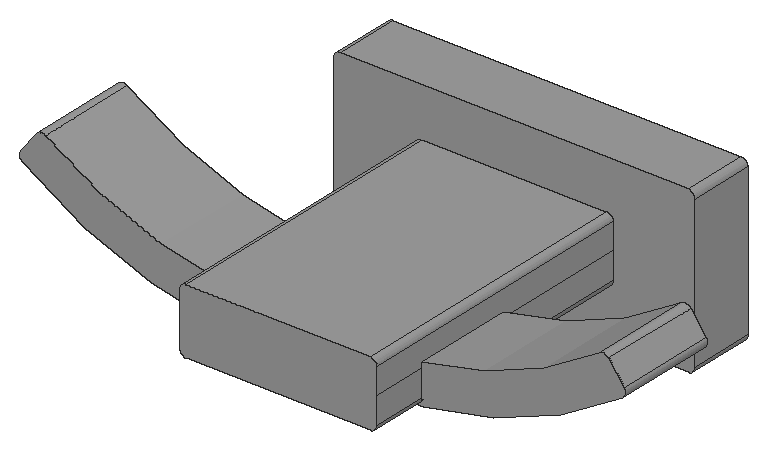
Revit family "PER ATLAS DOBLE NEGRO MATE", category Plumbing Fixtures, Revit 2019
Family settings
  Round Connector Dimension = Use Diameter
  Part Type = Normal
  OmniClass Number = 23.45.00.00
  OmniClass Title = Sanitary, Laundry, and Cleaning Equipment
  Work Plane-Based = No
  Always vertical = Yes
  Cut with Voids When Loaded = No
  Shared = No
  Room Calculation Point = No
Reference planes
  plane 1 "Center (Front/Back)": y = 0
  plane 2: z = 0
  plane 3 "Center (Left/Right)": x = 0
Forms (mm)
  Extrusion 1, solid
    sketch origin (0, 0, 0) x (1, 0, 0) y (0, 0, 1)
      loop
        line (1.01, 0) -> (53.967, 0)
        arc (53.967, 0) -> (54.698, 0.302) -> (55, 1.033) r 1.033
        line (55, 1.033) -> (55, 23.959)
        arc (55, 23.959) -> (54.695, 24.695) -> (53.959, 25) r 1.041
        line (53.959, 25) -> (0.983, 25)
        arc (0.983, 25) -> (0.288, 24.712) -> (0, 24.017) r 0.983
        line (0, 24.017) -> (0, 1.01)
        arc (0, 1.01) -> (0.296, 0.296) -> (1.01, 0) r 1.01
    from 0 to 10
  Extrusion 2, solid
    sketch origin (0, 0, 0) x (1, 0, 0) y (0, 0, 1)
      loop
        line (42.5, 12.5) -> (42.5, 16.532)
        arc (42.5, 16.532) -> (42.216, 17.216) -> (41.532, 17.5) r 0.968
        line (41.532, 17.5) -> (13.46, 17.5)
        arc (13.46, 17.5) -> (12.781, 17.219) -> (12.5, 16.54) r 0.96
        line (12.5, 16.54) -> (12.5, 8.499)
        arc (12.5, 8.499) -> (12.792, 7.792) -> (13.499, 7.5) r 0.999
        line (13.499, 7.5) -> (41.525, 7.5)
        arc (41.525, 7.5) -> (42.214, 7.786) -> (42.5, 8.475) r 0.975
        line (42.5, 8.475) -> (42.5, 12.5)
    from 10 to 55
  Extrusion 3, solid
    sketch origin (0, 0, 0) x (1, 0, 0) y (0, 0, 1)
      loop
        line (42.5, 13.5) -> (12.5, 13.5)
        arc (12.5, 13.5) -> (-1.755, 17.2) -> (-14.697, 24.23) r 60.598
        arc (-14.697, 24.23) -> (-15.441, 24.405) -> (-16.094, 24.008) r 1.009
        line (-16.094, 24.008) -> (-18.447, 20.82)
        arc (-18.447, 20.82) -> (-18.635, 20.047) -> (-18.217, 19.371) r 1.029
        arc (-18.217, 19.371) -> (-3.789, 11.553) -> (12.112, 7.5) r 66.598
        line (12.112, 7.5) -> (42.888, 7.5)
        arc (42.888, 7.5) -> (58.788, 11.552) -> (73.214, 19.369) r 66.598
        arc (73.214, 19.369) -> (73.634, 20.047) -> (73.445, 20.822) r 1.032
        line (73.445, 20.822) -> (71.108, 23.989)
        arc (71.108, 23.989) -> (70.44, 24.395) -> (69.678, 24.216) r 1.033
        arc (69.678, 24.216) -> (56.744, 17.196) -> (42.5, 13.5) r 60.598
    from 31.049 to 46.542
Dimensions and locks
  aligned and locked: level to plane 2
